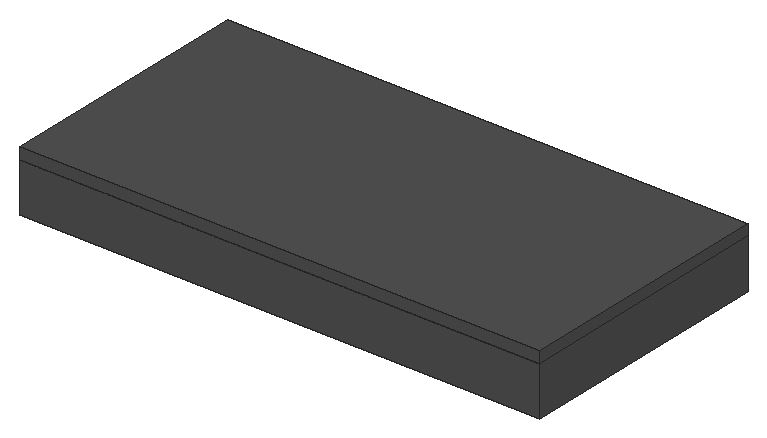
Revit family "LFX_A3-M-Troffer-Lens", category Lighting Fixtures, host Ceiling, Revit 2016
Family settings
  Host = Ceiling
  Part Type = Normal
  Round Connector Dimension = Use Diameter
  Always vertical = Yes
  Cut with Voids When Loaded = No
  Light Source = Yes
  Shared = No
  Room Calculation Point = No
Parameters (values of type "Ceiling Lens")
  Wattage = 16.1571 W
  built-in parameter 1150110 = 1 (stored number, unit not read)
  built-in parameter 1114217 = 1 (stored number, unit not read)
  built-in parameter 1150109 = 1 (stored number, unit not read)
  built-in parameter 1150134 = 3
  built-in parameter 1150113 = 1 (stored number, unit not read)
  built-in parameter 1150105 = 190.99 (stored number, unit not read)
  built-in parameter 1150115 = 1 (stored number, unit not read)
  Light Source Symbol Size = 609.6 mm
  built-in parameter 1150137 = (empty or 0)
  built-in parameter 1150139 = (empty or 0)
  built-in parameter 1150112 = 1 (stored number, unit not read)
  built-in parameter 1150114 = 1 (stored number, unit not read)
  built-in parameter 1150132 = 2
  built-in parameter 1150102 = (empty or 0)
  built-in parameter 1150107 = 3200 (stored number, unit not read)
  built-in parameter 1150138 = (empty or 0)
  built-in parameter 1150106 = 1.9099 (stored number, unit not read)
  Emit from Line Length = 1149.2 mm
  built-in parameter 1150104 = 13.8 (stored number, unit not read)
  Dimming Lamp Color Temperature Shift = <None>
  Color Filter = 16777215
  Circle Diameter = Width * 0.6  # 360 mm
  Diffuser = Glass - White, High Luminance
  Lamp = "T-12"
  Length = 1200 mm
  Light Box = Metal - Chrome
  Lumens = 2400 lm
  Wattage Comments = "(2)20"
  Width = 600 mm
  built-in parameter 1114218 = 1 (stored number, unit not read)
  built-in parameter 1150133 = 10 (stored number, unit not read)
Types (7, lengths in mm): name | Wattage | built-in parameter 1150105 | built-in parameter 1150106 | Circle Diameter | Length | Lumens | Wattage Comments | Width
  (no name) | 16.1571 W | 190.99 (stored number, unit not read) | 1.9099 (stored number, unit not read) | 360 | 1200 | 2400 lm | "(2)20" | 600
  0300 x 1200mm (2 Lamp) | 16.1571 W | 190.99 (stored number, unit not read) | 1.9099 (stored number, unit not read) | 180 | 1200 | 2400 lm | "(2)20" | 300
  0600 x 0600mm (4 Lamp) | 16.1571 W | 190.99 (stored number, unit not read) | 1.9099 (stored number, unit not read) | 360 | 600 | 2400 lm | "(4)20" | 600
  0600 x 1200mm (2 Lamps) | 16.1571 W | 190.99 (stored number, unit not read) | 1.9099 (stored number, unit not read) | 360 | 1200 | 2400 lm | "(2)20" | 600
  0600 x 1200mm (4 Lamps) | 16.1571 W | 190.99 (stored number, unit not read) | 1.9099 (stored number, unit not read) | 360 | 1200 | 2400 lm | "(4)20" | 600
  0600 x 0600mm (2 Lamp) | 8.07853 W | 95.493 (stored number, unit not read) | 0.95493 (stored number, unit not read) | 360 | 600 | 1200 lm | "(4)20" | 600
  Ceiling Lens | 16.1571 W | 190.99 (stored number, unit not read) | 1.9099 (stored number, unit not read) | 360 | 1200 | 2400 lm | "(2)20" | 600
Reference planes
  plane 1 "Light Source Axis": y = -59.466
  plane 2 "Ceiling": z = 2438.4
  plane 3 "Light Source Axis": x = -18.704
  plane 4 "Light Source Elevation": z = 2413
  plane 5: x = -618.704
  plane 6: x = 581.296
  plane 7: y = 240.534
  plane 8: y = -359.466
Forms (mm)
  Extrusion 1, solid, material "Metal - Chrome" <- "Light Box"
    sketch origin (0, 0, 2438.4) x (1, 0, 0) y (0, 1, 0)
      loop
        line (-618.704, 240.534) -> (-618.704, -359.466) -> (581.296, -359.466) -> (581.296, 240.534) -> (-618.704, 240.534)
      loop
        line (-593.304, 215.134) -> (-593.304, -334.066) -> (555.896, -334.066) -> (555.896, 215.134) -> (-593.304, 215.134)
    from 0 to 114.3
  Extrusion 2, solid, material "Metal - Chrome" <- "Light Box"
    sketch origin (0, 0, 2438.4) x (1, 0, 0) y (0, 1, 0)
      loop
        line (-618.704, 240.534) -> (-618.704, -359.466) -> (581.296, -359.466) -> (581.296, 240.534) -> (-618.704, 240.534)
    from 114.3 to 139.7
  Extrusion 3, solid, material "Glass - White, High Luminance" <- "Diffuser"
    sketch origin (0, 0, 2438.4) x (1, 0, 0) y (0, 1, 0)
      loop
        line (-593.304, 215.134) -> (-593.304, -334.066) -> (555.896, -334.066) -> (555.896, 215.134) -> (-593.304, 215.134)
    from 0 to 6.35
Lines and regions (mm)
  Opening 1
    outline origin (0, 0, 2438.4) x (1, 0, 0) y (0, 1, 0)
      loop
        line (-618.704, 240.534) -> (-618.704, -359.466) -> (581.296, -359.466) -> (581.296, 240.534) -> (-618.704, 240.534)
  model lines
    curve 1: line (-618.704, 240.534, 2438.4) -> (581.296, 240.534, 2438.4)
    curve 2: line (-618.704, -359.466, 2438.4) -> (-618.704, 240.534, 2438.4)
    curve 3: line (581.296, -359.466, 2438.4) -> (-618.704, -359.466, 2438.4)
    curve 4: line (581.296, 240.534, 2438.4) -> (581.296, -359.466, 2438.4)
    curve 5: line (-593.304, 215.134, 2438.4) -> (555.896, 215.134, 2438.4)
    curve 6: line (-593.304, -334.066, 2438.4) -> (-593.304, 215.134, 2438.4)
    curve 7: line (555.896, -334.066, 2438.4) -> (-593.304, -334.066, 2438.4)
    curve 8: line (555.896, 215.134, 2438.4) -> (555.896, -334.066, 2438.4)
    curve 9: arc (161.296, -59.466, 2438.4) -> (-18.704, 120.534, 2438.4) -> (-198.704, -59.466, 2438.4) r 180
    curve 10: arc (-198.704, -59.466, 2438.4) -> (-18.704, -239.466, 2438.4) -> (161.296, -59.466, 2438.4) r 180
    curve 11: line (-593.304, 215.134, 2438.4) -> (-181.111, 18.148, 2438.4)
    curve 12: line (-181.111, -137.08, 2438.4) -> (-593.304, -334.066, 2438.4)
    curve 13: line (555.896, 215.134, 2438.4) -> (143.704, 18.148, 2438.4)
    curve 14: line (555.896, -334.066, 2438.4) -> (143.704, -137.08, 2438.4)
Dimensions and locks
  equal spacing: host sketch curve, plane 3 "Light Source Axis", host sketch curve
  equal spacing: host sketch curve, plane 1 "Light Source Axis", host sketch curve
  host sketch curve to host sketch curve = 3048 mm  (x2)
  equal spacing: plane 5, plane 3 "Light Source Axis", plane 6
  equal spacing: plane 8, plane 1 "Light Source Axis", plane 7
  "Length": plane 5 to plane 6
  "Width": plane 8 to plane 7
  locked: Extrusion 1 sketch curve to Extrusion 1 sketch curve at 25.4
  "Circle Diameter": curve 10 to curve 10
  locked: curve 8 to plane 6 at 25.4
  locked: plane 5 to curve 6 at 25.4
  locked: curve 5 to plane 7 at 25.4
  locked: plane 8 to curve 7 at 25.4
  aligned and locked: plane 3 "Light Source Axis" to imposter light
  aligned and locked: plane 1 "Light Source Axis" to imposter light
  aligned and locked: plane 4 "Light Source Elevation" to imposter light
Automatic sketch dimensions
  Opening 1 sketch curve to plane 5 = 0 mm
  Opening 1 sketch curve to plane 6 = 0 mm
  Opening 1 sketch curve to plane 8 = 0 mm
  Opening 1 sketch curve to plane 7 = 0 mm
  Extrusion 1 sketch curve to plane 5 = 0 mm
  Extrusion 1 sketch curve to plane 6 = 0 mm
  Extrusion 1 sketch curve to plane 8 = 0 mm
  Extrusion 1 sketch curve to plane 7 = 0 mm
  Extrusion 1 sketch curve to plane 5 = 25.4 mm
  plane 6 to Extrusion 1 sketch curve = 25.4 mm
  Extrusion 1 sketch curve to plane 8 = 25.4 mm
  Extrusion 2 sketch curve to plane 5 = 0 mm
  Extrusion 2 sketch curve to plane 6 = 0 mm
  Extrusion 2 sketch curve to plane 8 = 0 mm
  Extrusion 2 sketch curve to plane 7 = 0 mm
  Extrusion 3 sketch curve to plane 5 = 25.4 mm
  plane 6 to Extrusion 3 sketch curve = 25.4 mm
  Extrusion 3 sketch curve to plane 8 = 25.4 mm
  plane 7 to Extrusion 3 sketch curve = 25.4 mm
  curve 3 to plane 5 = 0 mm
  curve 10 to plane 1 "Light Source Axis" = 0 mm
  curve 9 to plane 3 "Light Source Axis" = 0 mm
  curve 4 to plane 6 = 0 mm
  curve 3 to plane 8 = 0 mm
  curve 4 to plane 7 = 0 mm
  plane 1 "Light Source Axis" to curve 12 = 77.614 mm
  curve 11 to plane 1 "Light Source Axis" = 77.614 mm
  curve 13 to plane 1 "Light Source Axis" = 77.614 mm
  plane 1 "Light Source Axis" to curve 14 = 77.614 mm
